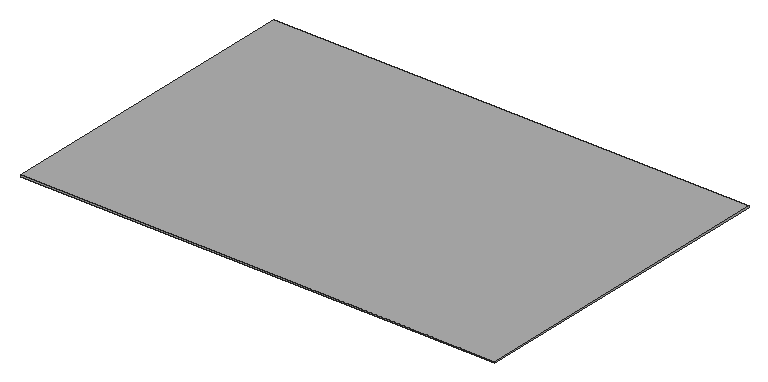
Revit family "Carpet revit 11 - Alfombra revit 11 bimshares.com", category Mobiliario, Revit 2018
Family settings
  Número OmniClass = 23.40.20.00
  Título OmniClass = General Furniture and Specialties
  Se basa en plano de trabajo = Sí
  Siempre vertical = Sí
  Corte con vacíos al cargar = No
  Compartido = No
  Punto de cálculo de habitación = No
Parameters
  Width - Anchura = 3000 mm
  Thickness - Espesor = 10 mm
  Material textil carpet = 1fwegwghm5 - Color 11
  Large - Largo = 4500 mm
  Default Elevation = 1219.2 mm
Reference planes
  plane 1 "Centro (Frontal/Posterior)": y = 0
  plane 2: z = 0
  plane 3 "Centro (Izquierda/Derecha)": x = 0
  plane 4: x = -2250
  plane 5: x = 2250
  plane 6: y = 1500
  plane 7: y = -1500
Forms (mm)
  Extrusion 1, solid, material "1fwegwghm5 - Color 11" <- "Material textil carpet"
    sketch origin (0, 0, 0) x (1, 0, 0) y (0, 1, 0)
      loop
        line (-2250, 1500) -> (-2250, -1500) -> (2250, -1500) -> (2250, 1500) -> (-2250, 1500)
    from 0 to 10
Dimensions and locks
  equal spacing: plane 4, plane 3 "Centro (Izquierda/Derecha)", plane 5
  equal spacing: plane 6, plane 1 "Centro (Frontal/Posterior)", plane 7
  "Width - Anchura": plane 6 to plane 7
  "Large - Largo": plane 4 to plane 5
  "Thickness - Espesor": Extrusion 1 to level
  aligned and locked: level to plane 2
  aligned and locked: Extrusion 1 sketch curve to plane 6
  aligned and locked: Extrusion 1 sketch curve to plane 4
  aligned and locked: Extrusion 1 sketch curve to plane 7
  aligned and locked: Extrusion 1 sketch curve to plane 5
